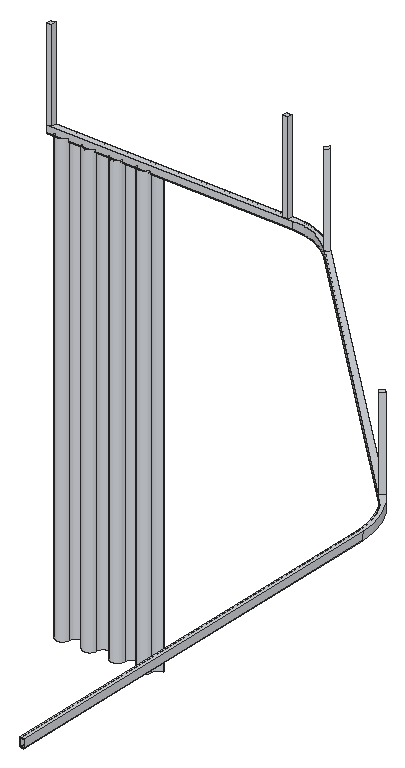
Revit family "Sample_Family_Two", category Furniture Systems, Revit 2022
Family settings
  Round Connector Dimension = Use Diameter
  Part Type = Normal
  OmniClass Number = 23.40.95.11.31
  OmniClass Title = Movable or Retractable Screens
  Work Plane-Based = No
  Always vertical = Yes
  Cut with Voids When Loaded = No
  Shared = Yes
  Room Calculation Point = No
Parameters (values of type "FIRT-032.1")
  chamferLength_calc [instance] = sqrt((DEPTH_BVN * DEPTH_BVN) / 2)  # 1414.214 mm
  angle = 45.00°
  WIDTH_TWO_INSTANCE_BVN [instance] = 2000 mm
  WIDTH_BVN [instance] = 1200 mm
  Vis_Curtain [instance] = yes
  UniqueID = ""
  Show_Hanger [instance] = not(CEILING_HEIGHT_BVN - MOUNTING_HEIGHT_BVN < 1 mm)  # yes
  ShowCurtainOtherEnd [instance] = not(ShowCurtainOneEnd)  # no
  ShowCurtainOneEnd [instance] = yes
  ShowCurtainEndTwo [instance] = and(Vis_Curtain, ShowCurtainOtherEnd)  # no
  ShowCurtainEndOne [instance] = and(Vis_Curtain, ShowCurtainOneEnd)  # yes
  Responsibility = "AR"
  RADIUS = 300 mm
  ModifiedIssue = ""
  MOUNTING_HEIGHT_US_BVN = 0 mm
  MOUNTING_HEIGHT_TOP_BVN = 0 mm
  MOUNTING_HEIGHT_CENTRE_BVN = 0 mm
  MOUNTING_HEIGHT_BVN [instance] = 2300 mm
  MATERIAL_BVN = none
  Keynote = "FIRT-032"
  ItemGroup = "1"
  ItemDescription = "TRACK: curtain, privacy, L shaped - chamfer"
  ItemCode = "FIRT-032.1"
  Hanger_Length_BVN [instance] = if((CEILING_HEIGHT_BVN - MOUNTING_HEIGHT_BVN) < 1 mm, 10 mm, CEILING_HEIGHT_BVN - MOUNTING_HEIGHT_BVN)  # 400 mm
  HEIGHT_BVN = 0 mm
  DetailedCategory = ""
  Description = ""
  Default Elevation = 0 mm
  DEPTH_BVN [instance] = 2000 mm
  Curtain_Offset_From_Floor_BVN = 300 mm
  Copyright = "BVN"  # constant formula
  CEILING_HEIGHT_BVN [instance] = 2700 mm
  Author = "BVN"  # constant formula
  Assembly Code = "FIRT-032"
Reference planes
  plane 1 "Center (Front/Back)": y = 0
  plane 2: z = 0
  plane 3 "Center (Left/Right)": x = 0
  plane 4 "Curtain Track": z = 2300
  plane 5 "ceiling": z = 2700
  plane 6: through (0, 0, 1200) normal (0.7071, 0.7071, 0)
  plane 7: x = -1200
  plane 8: through (0, 0, 1200) normal (-0.7071, 0.7071, 0)
  plane 9: through (1414.214, -1414.214, 1200) normal (-0.7071, 0.7071, 0)
  plane 10: x = 1414.214
  plane 11: y = -1414.214
  plane 12: y = -3414.214
  plane 13: through (1312.39, -1312.39, 1200) normal (-0.7071, 0.7071, 0)
  plane 14: y = -1558.214
Forms (mm)
  Sweep 1, solid, material <- "MATERIAL_BVN"
    path origin (-314.183, -1524, 2300) x (-1, 0, 0) y (0, -1, 0)
      loop
        line (885.817, -1524) -> (-189.919, -1524)
        arc (-189.919, -1524) -> (-304.724, -1501.164) -> (-402.051, -1436.132) r 300
        line (-402.051, -1436.132) -> (-1626.573, -211.61)
        arc (-1626.573, -211.61) -> (-1701.933, -98.825) -> (-1728.396, 34.214) r 347.647
        line (-1728.396, 34.214) -> (-1728.396, 1890.214)
    profile origin (-662.132, 0, 2300) x (0, 1, 0) y (0, 0, 1)
      loop
        line (-10.5, 0) -> (-10.5, -34) -> (-6.5, -38) -> (-3, -38) -> (-3, -36) -> (-5.672, -36) -> (-8.5, -33.172) -> (-8.5, -2) -> (8.5, -2) -> (8.5, -33.172) -> (5.672, -36) -> (3, -36) -> (3, -38) -> (6.5, -38) -> (10.5, -34) -> (10.5, 0) -> (-10.5, 0)
  Extrusion 2, solid, material <- "MATERIAL_BVN", visible <- "Show_Hanger"
    sketch origin (1675.423, -2309.275, 2300) x (-1, 0, 0) y (0, -1, 0)
      loop
        line (2875.423, -2319.756) -> (2875.423, -2298.756) -> (2854.53, -2298.756) -> (2854.53, -2319.756) -> (2875.423, -2319.756)
      loop
        line (1840.423, -2319.775) -> (1840.423, -2298.775) -> (1819.423, -2298.775) -> (1819.423, -2319.775) -> (1840.423, -2319.775)
      loop
        line (1594.98, -2213.982) -> (1580.131, -2199.133) -> (1565.281, -2213.982) -> (1580.131, -2228.831) -> (1594.98, -2213.982)
      loop
        line (385.307, -1004.309) -> (370.458, -989.46) -> (355.608, -1004.309) -> (370.458, -1019.158) -> (385.307, -1004.309)
    from 0 to 400 <- "Hanger_Length_BVN"
Lines and regions (mm)
  symbolic lines, style "Ceiling Mounted"
    curve 1: line (-1200, 0, 0) -> (-124.264, 0, 0)
    curve 2: line (87.868, -87.868, 0) -> (1312.39, -1312.39, 0)
    curve 3: arc (-124.264, 0, 0) -> (-9.459, -22.836, 0) -> (87.868, -87.868, 0) r 300
    curve 4: line (1414.214, -1558.214, 0) -> (1414.214, -3414.214, 0)
    curve 5: arc (1312.39, -1312.39, 0) -> (1387.751, -1425.175, 0) -> (1414.214, -1558.214, 0) r 347.647
Dimensions and locks
  "MOUNTING_HEIGHT_BVN": plane 4 "Curtain Track" to level
  locked: profile plane to Sweep 1 sketch curve at 38
  locked: profile plane to Sweep 1 sketch curve at 34  (x2)
  locked: profile plane to Sweep 1 sketch curve at 33.172  (x2)
  locked: profile plane to Sweep 1 sketch curve at 36
  "CEILING_HEIGHT_BVN": plane 5 "ceiling" to level
  "WIDTH_BVN": plane 7 to plane 3 "Center (Left/Right)"
  locked: plane 7 to Extrusion 2 sketch curve at 20.894
  "DEPTH_BVN": plane 8 to plane 9
  locked: Extrusion 2 sketch curve to plane 13 at 21
  Extrusion 2 sketch curve to plane 6 to Extrusion 2 sketch curve = 10.5 mm locked, 10.5 mm locked
  "chamferLength_calc": plane 11 to plane 1 "Center (Front/Back)"
  "WIDTH_TWO_INSTANCE_BVN": plane 11 to plane 12
  "chamferLength_calc": plane 3 "Center (Left/Right)" to plane 10
  locked: plane 11 to plane 14 at 144
  locked: plane 13 to plane 9 at 144
  aligned and locked: level to plane 2
  aligned and locked: Sweep 1 sketch curve to Sweep 1 sketch curve  (x2)
  aligned and locked: Extrusion 2 to plane 4 "Curtain Track"
  aligned and locked: plane 1 "Center (Front/Back)" to Sweep 1 sketch curve
  aligned and locked: plane 1 "Center (Front/Back)" to curve 1
  aligned and locked: Extrusion 2 sketch curve to Sweep 1  (x2)
  aligned and locked: plane 1 "Center (Front/Back)" to nested 1
  aligned and locked: nested 1 to plane 7
  aligned and locked: plane 7 to Sweep 1 sketch curve
  aligned and locked: plane 7 to Extrusion 2 sketch curve
  aligned and locked: Sweep 1 sketch curve to plane 10
  aligned and locked: Sweep 1 sketch curve to plane 12
  aligned and locked: plane 13 to Sweep 1 sketch curve
  aligned and locked: plane 14 to Sweep 1 sketch curve
  aligned and locked: plane 13 to Extrusion 2 sketch curve
  aligned and locked: plane 13 to curve 2
  aligned and locked: plane 14 to curve 4
  aligned and locked: curve 4 to plane 12
  aligned and locked: curve 4 to plane 10
  aligned and locked: nested 2 to plane 12
  aligned and locked: nested 2 to plane 10
Automatic sketch dimensions
  plane 6 to Sweep 1 sketch curve = 0 mm
  Sweep 1 sketch curve to plane 6 = 0 mm
  plane 1 "Center (Front/Back)" to Sweep 1 sketch curve = 87.868 mm
  Sweep 1 sketch curve to plane 3 "Center (Left/Right)" = 124.264 mm
  Sweep 1 sketch curve to profile plane = 0 mm
  profile plane to Sweep 1 sketch curve = 10.5 mm
  Sweep 1 sketch curve to Sweep 1 sketch curve = 2 mm  (x3)
  Sweep 1 sketch curve to Sweep 1 sketch curve = 0.828 mm  (x2)
  profile plane to Sweep 1 sketch curve = 3 mm
  Sweep 1 sketch curve to profile plane = 3 mm
  Sweep 1 sketch curve to Sweep 1 sketch curve = 2.672 mm
  Sweep 1 sketch curve to Sweep 1 sketch curve = 2.828 mm
  Sweep 1 sketch curve to profile plane = 2 mm
  plane 3 "Center (Left/Right)" to Extrusion 2 sketch curve = 110.142 mm
  Extrusion 2 sketch curve to Extrusion 2 sketch curve = 14.849 mm  (x3)
  Extrusion 2 sketch curve to plane 3 "Center (Left/Right)" = 144 mm
  Extrusion 2 sketch curve to Extrusion 2 sketch curve = 21 mm
  Extrusion 2 sketch curve to plane 1 "Center (Front/Back)" = 10.481 mm
  plane 1 "Center (Front/Back)" to Extrusion 2 sketch curve = 10.519 mm
  plane 1 "Center (Front/Back)" to Extrusion 2 sketch curve = 80.443 mm
  curve 1 to plane 7 = 0 mm
  curve 3 to plane 6 = 0 mm
  plane 6 to curve 5 = 0 mm
  curve 3 to plane 3 "Center (Left/Right)" = 124.264 mm
  plane 1 "Center (Front/Back)" to curve 2 = 87.868 mm
Nested families
  nested 1: "Sample_Family_Eight" at (-1200, 0, 0), MOUNTING_HEIGHT_TO_TOP <- "MOUNTING_HEIGHT_BVN", visible <- "ShowCurtainEndOne", type "FQGE-009"
    with OFFSET_FROM_FLOOR 300 mm, MOUNTING_HEIGHT_TO_TOP 2300 mm, DetailedCategory "", Curtain_height_BVN 1975 mm, CEILING_HEIGHT_BVN 2700 mm
  nested 2: "Sample_Family_Eight" at (1414.214, -3414.214, 0) x (0, 1, 0) z (0, 0, 1), MOUNTING_HEIGHT_TO_TOP <- "MOUNTING_HEIGHT_BVN", visible <- "ShowCurtainEndTwo", type "FQGE-009"
    with OFFSET_FROM_FLOOR 300 mm, MOUNTING_HEIGHT_TO_TOP 2300 mm, DetailedCategory "", Curtain_height_BVN 1975 mm, CEILING_HEIGHT_BVN 2700 mm
Definition of nested family "Sample_Family_Eight"
  Parameters (values of type "FQGE-009")
    WIDTH_BVN = 0 mm
    UniqueID = "4953"
    Responsibility = "AR"
    Offset_Top_Of_Curtain_BVN [instance] = 25 mm
    OFFSET_FROM_FLOOR [instance] = 300 mm
    ModifiedIssue = ""
    MOUNTING_HEIGHT_US_BVN = 0 mm
    MOUNTING_HEIGHT_TO_TOP [instance] = 2200 mm
    MOUNTING_HEIGHT_TOP_BVN = 0 mm
    Keynote = "FQGE-009"
    ItemGroup = "3"
    ItemDescription = "CURTAIN: bed screen"
    ItemCode = "FQGE-009"
    HEIGHT_BVN = 0 mm
    DetailedCategory [instance] = ""
    Description = ""
    Default Elevation = 0 mm
    DEPTH_BVN = 0 mm
    Curtain_height_BVN [instance] = MOUNTING_HEIGHT_TO_TOP - OFFSET_FROM_FLOOR - 25 mm  # 1875 mm
    Copyright = "BVN"  # constant formula
    CEILING_HEIGHT_BVN [instance] = 2700 mm
    Author = "BVN"  # constant formula
    Assembly Code = "FQGE-009"
  Reference planes
    plane 1 "Center (Front/Back)": y = 0
    plane 2: z = 0
    plane 3 "Center (Left/Right)": x = 0
    plane 4: z = 2700
    plane 5: z = 2200
    plane 6: z = 300
  Forms (mm)
    Extrusion 1, solid
      sketch origin (240, 0, 0) x (1, 0, 0) y (0, 1, 0)
        loop
          arc (240, -29.5) -> (219.14, -20.86) -> (210.5, 0) r 29.5
          arc (210.5, 0) -> (180, 30.5) -> (149.5, 0) r 30.5
          arc (149.5, 0) -> (120, -29.5) -> (90.5, 0) r 29.5
          arc (90.5, 0) -> (60, 30.5) -> (29.5, 0) r 30.5
          arc (29.5, 0) -> (0, -29.5) -> (-29.5, 0) r 29.5
          arc (-29.5, 0) -> (-60, 30.5) -> (-90.5, 0) r 30.5
          arc (-90.5, 0) -> (-120, -29.5) -> (-149.5, 0) r 29.5
          arc (-149.5, 0) -> (-180, 30.5) -> (-210.5, 0) r 30.5
          arc (-210.5, 0) -> (-219.14, -20.86) -> (-240, -29.5) r 29.5
          line (-240, -29.5) -> (-240, -30.5)
          arc (-240, -30.5) -> (-218.433, -21.567) -> (-209.5, 0) r 30.5
          arc (-209.5, 0) -> (-180, 29.5) -> (-150.5, 0) r 29.5
          arc (-150.5, 0) -> (-120, -30.5) -> (-89.5, 0) r 30.5
          arc (-89.5, 0) -> (-60, 29.5) -> (-30.5, 0) r 29.5
          arc (-30.5, 0) -> (0, -30.5) -> (30.5, 0) r 30.5
          arc (30.5, 0) -> (60, 29.5) -> (89.5, 0) r 29.5
          arc (89.5, 0) -> (120, -30.5) -> (150.5, 0) r 30.5
          arc (150.5, 0) -> (180, 29.5) -> (209.5, 0) r 29.5
          arc (209.5, 0) -> (218.433, -21.567) -> (240, -30.5) r 30.5
          line (240, -30.5) -> (240, -29.5)
      from 2175 to 300
  Lines and regions (mm)
    symbolic lines
      curve 1: line (0, -29.5, 0) -> (60, 29.5, 0)
      curve 2: line (60, 29.5, 0) -> (120, -29.5, 0)
      curve 3: line (120, -29.5, 0) -> (180, 29.5, 0)
      curve 4: line (180, 29.5, 0) -> (240, -29.5, 0)
      curve 5: line (240, -29.5, 0) -> (300, 29.5, 0)
      curve 6: line (300, 29.5, 0) -> (360, -29.5, 0)
      curve 7: line (360, -29.5, 0) -> (420, 29.5, 0)
      curve 8: line (420, 29.5, 0) -> (480, -29.5, 0)
  Dimensions and locks
    "CEILING_HEIGHT_BVN": plane 4 to level
    "MOUNTING_HEIGHT_TO_TOP": plane 5 to level
    "OFFSET_FROM_FLOOR": plane 6 to level
    "Offset_Top_Of_Curtain_BVN": plane 5 to Extrusion 1
    "Curtain_height_BVN": Extrusion 1 to plane 6
    aligned and locked: level to plane 2
    aligned and locked: Extrusion 1 to plane 6
  Automatic sketch dimensions
    Extrusion 1 sketch curve to Extrusion 1 sketch curve = 0 mm  (x24)
    plane 3 "Center (Left/Right)" to Extrusion 1 sketch curve = 240 mm
    plane 3 "Center (Left/Right)" to Extrusion 1 sketch curve = 210.5 mm
    Extrusion 1 sketch curve to Extrusion 1 sketch curve = 1 mm
    Extrusion 1 sketch curve to Extrusion 1 sketch curve = 29.5 mm  (x7)
    plane 1 "Center (Front/Back)" to Extrusion 1 sketch curve = 30.5 mm
    plane 1 "Center (Front/Back)" to Extrusion 1 sketch curve = 0 mm
    curve 1 to plane 3 "Center (Left/Right)" = 0 mm
    curve 2 to plane 1 "Center (Front/Back)" = 29.5 mm
    plane 3 "Center (Left/Right)" to curve 2 = 60 mm
    plane 1 "Center (Front/Back)" to curve 3 = 29.5 mm
    curve 1 to curve 3 = 60 mm
    curve 4 to plane 1 "Center (Front/Back)" = 29.5 mm
    curve 2 to curve 4 = 60 mm
    plane 1 "Center (Front/Back)" to curve 4 = 29.5 mm
    curve 3 to curve 4 = 60 mm
    curve 6 to plane 1 "Center (Front/Back)" = 29.5 mm
    curve 4 to curve 6 = 60 mm
    plane 1 "Center (Front/Back)" to curve 7 = 29.5 mm
    curve 5 to curve 7 = 60 mm
    curve 6 to curve 8 = 60 mm
    curve 7 to plane 1 "Center (Front/Back)" = 29.5 mm
    plane 1 "Center (Front/Back)" to curve 8 = 29.5 mm
    curve 7 to curve 8 = 60 mm
    plane 1 "Center (Front/Back)" to curve 1 = 29.5 mm
